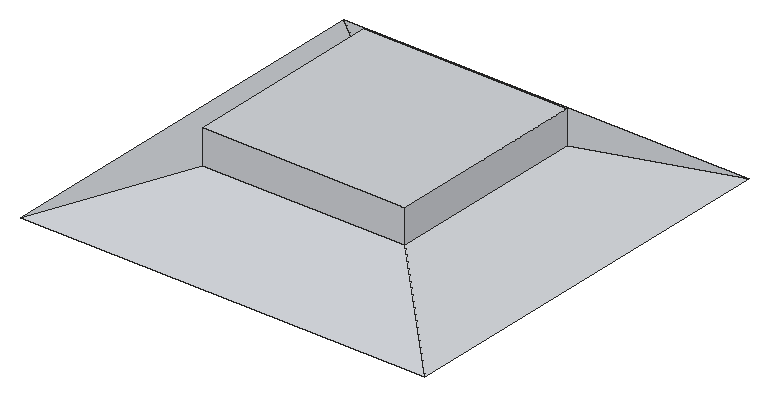
Revit family "15f4f35c9038449ea7f795ccd258911d", category Air Terminals, Revit 2021
Family settings
  Round Connector Dimension = Use Diameter
  Part Type = Normal
  OmniClass Number = 23.75.70.21.27.11
  OmniClass Title = Diffusers, Registers, and Grilles
  Seek Item ID = Supply Diffuser - Rectangular Face Rectangular Neck-0000-USA-ENU
  Work Plane-Based = No
  Always vertical = Yes
  Cut with Voids When Loaded = No
  Shared = No
  Room Calculation Point = No
Parameters (values of type "12x12 - 6x6 Neck")
  Width 1 = Diffuser Width * 0.65  # 0' - 7.8"
  UpArrow [instance] = yes
  Pressure Drop [instance] = 0.085 in-wg
  RightArrow [instance] = yes
  Length = if(Diffuser Width > Diffuser Height, Diffuser Width, Diffuser Height)  # 1' - 0"
  LeftArrow [instance] = yes
  Height 1 = Diffuser Height * 0.65  # 0' - 7.8"
  Flow [instance] = 500 CFM
  Duct Width = 6"
  Duct Height = 6"
  DownArrow [instance] = yes
  Diffuser Height = 1' - 0"
  Diffuser Width = 1' - 0"
  Default Elevation = 0' - 0"
  Assembly Code = ""
Types (95): name | Width 1 | UpArrow | RightArrow | Length | LeftArrow | Height 1 | Duct Width | Duct Height | DownArrow | Diffuser Height | Diffuser Width
  24x24 - 6x6 Neck | 1' - 3.6" | yes | yes | 2' - 0" | yes | 1' - 3.6" | 6" | 6" | yes | 2' - 0" | 2' - 0"
  24x24 - 9x9 Neck | 1' - 3.6" | yes | yes | 2' - 0" | yes | 1' - 3.6" | 9" | 9" | yes | 2' - 0" | 2' - 0"
  24x24 - 12x12 Neck | 1' - 3.6" | yes | yes | 2' - 0" | yes | 1' - 3.6" | 12" | 12" | yes | 2' - 0" | 2' - 0"
  24x24 - 15x15 Neck | 1' - 3.6" | yes | yes | 2' - 0" | yes | 1' - 3.6" | 15" | 15" | yes | 2' - 0" | 2' - 0"
  24x24 - 18x18 Neck | 1' - 3.6" | yes | yes | 2' - 0" | yes | 1' - 3.6" | 18" | 18" | yes | 2' - 0" | 2' - 0"
  24x24 - 21x21 Neck | 1' - 3.6" | yes | yes | 2' - 0" | yes | 1' - 3.6" | 21" | 21" | yes | 2' - 0" | 2' - 0"
  12x12 - 6x6 Neck | 0' - 7.8" | yes | yes | 1' - 0" | yes | 0' - 7.8" | 6" | 6" | yes | 1' - 0" | 1' - 0"
  12x12 - 9x9 Neck | 0' - 7.8" | yes | yes | 1' - 0" | yes | 0' - 7.8" | 9" | 9" | yes | 1' - 0" | 1' - 0"
  12x24 - 6x6 Neck | 1' - 3.6" | yes | yes | 2' - 0" | yes | 0' - 7.8" | 6" | 6" | yes | 1' - 0" | 2' - 0"
  12x24 - 6x9 Neck | 1' - 3.6" | yes | yes | 2' - 0" | yes | 0' - 7.8" | 9" | 6" | yes | 1' - 0" | 2' - 0"
  12x24 - 6x12 Neck | 1' - 3.6" | yes | yes | 2' - 0" | yes | 0' - 7.8" | 12" | 6" | yes | 1' - 0" | 2' - 0"
  12x24 - 6x15 Neck | 1' - 3.6" | yes | yes | 2' - 0" | yes | 0' - 7.8" | 15" | 6" | yes | 1' - 0" | 2' - 0"
  12x24 - 6x18 Neck | 1' - 3.6" | yes | yes | 2' - 0" | yes | 0' - 7.8" | 18" | 6" | yes | 1' - 0" | 2' - 0"
  12x24 - 6x21 Neck | 1' - 3.6" | yes | yes | 2' - 0" | yes | 0' - 7.8" | 21" | 6" | yes | 1' - 0" | 2' - 0"
  12x24 - 9x12 Neck | 1' - 3.6" | yes | yes | 2' - 0" | yes | 0' - 7.8" | 12" | 9" | yes | 1' - 0" | 2' - 0"
  12x24 - 9x6 Neck | 1' - 3.6" | yes | yes | 2' - 0" | yes | 0' - 7.8" | 6" | 9" | yes | 1' - 0" | 2' - 0"
  12x24 - 9x9 Neck | 1' - 3.6" | yes | yes | 2' - 0" | yes | 0' - 7.8" | 9" | 9" | yes | 1' - 0" | 2' - 0"
  12x24 - 9x15 Neck | 1' - 3.6" | yes | yes | 2' - 0" | yes | 0' - 7.8" | 15" | 9" | yes | 1' - 0" | 2' - 0"
  12x24 - 9x18 Neck | 1' - 3.6" | yes | yes | 2' - 0" | yes | 0' - 7.8" | 18" | 9" | yes | 1' - 0" | 2' - 0"
  12x24 - 9x21 Neck | 1' - 3.6" | yes | yes | 2' - 0" | yes | 0' - 7.8" | 21" | 9" | yes | 1' - 0" | 2' - 0"
  24x24 - 6x9 Neck | 1' - 3.6" | yes | yes | 2' - 0" | yes | 1' - 3.6" | 9" | 6" | yes | 2' - 0" | 2' - 0"
  24x24 - 6x12 Neck | 1' - 3.6" | yes | yes | 2' - 0" | yes | 1' - 3.6" | 12" | 6" | yes | 2' - 0" | 2' - 0"
  24x24 - 6x15 Neck | 1' - 3.6" | yes | yes | 2' - 0" | yes | 1' - 3.6" | 15" | 6" | yes | 2' - 0" | 2' - 0"
  24x24 - 6x18 Neck | 1' - 3.6" | yes | yes | 2' - 0" | yes | 1' - 3.6" | 18" | 6" | yes | 2' - 0" | 2' - 0"
  24x24 - 6x21 Neck | 1' - 3.6" | yes | yes | 2' - 0" | yes | 1' - 3.6" | 21" | 6" | yes | 2' - 0" | 2' - 0"
  24x24 - 9x6 Neck | 1' - 3.6" | yes | yes | 2' - 0" | yes | 1' - 3.6" | 6" | 9" | yes | 2' - 0" | 2' - 0"
  24x24 - 9x12 Neck | 1' - 3.6" | yes | yes | 2' - 0" | yes | 1' - 3.6" | 12" | 9" | yes | 2' - 0" | 2' - 0"
  24x24 - 9x15 Neck | 1' - 3.6" | yes | yes | 2' - 0" | yes | 1' - 3.6" | 15" | 9" | yes | 2' - 0" | 2' - 0"
  24x24 - 9x18 Neck | 1' - 3.6" | yes | yes | 2' - 0" | yes | 1' - 3.6" | 18" | 9" | yes | 2' - 0" | 2' - 0"
  24x24 - 9x21 Neck | 1' - 3.6" | yes | yes | 2' - 0" | yes | 1' - 3.6" | 21" | 9" | yes | 2' - 0" | 2' - 0"
  24x24 - 12x6 Neck | 1' - 3.6" | yes | yes | 2' - 0" | yes | 1' - 3.6" | 6" | 12" | yes | 2' - 0" | 2' - 0"
  24x24 - 12x9 Neck | 1' - 3.6" | yes | yes | 2' - 0" | yes | 1' - 3.6" | 9" | 12" | yes | 2' - 0" | 2' - 0"
  24x24 - 12x15 Neck | 1' - 3.6" | yes | yes | 2' - 0" | yes | 1' - 3.6" | 15" | 12" | yes | 2' - 0" | 2' - 0"
  24x24 - 12x18 Neck | 1' - 3.6" | yes | yes | 2' - 0" | yes | 1' - 3.6" | 18" | 12" | yes | 2' - 0" | 2' - 0"
  24x24 - 12x21 Neck | 1' - 3.6" | yes | yes | 2' - 0" | yes | 1' - 3.6" | 21" | 12" | yes | 2' - 0" | 2' - 0"
  24x24 - 15x6 Neck | 1' - 3.6" | yes | yes | 2' - 0" | yes | 1' - 3.6" | 6" | 15" | yes | 2' - 0" | 2' - 0"
  24x24 -15x9 Neck | 1' - 3.6" | yes | yes | 2' - 0" | yes | 1' - 3.6" | 9" | 15" | yes | 2' - 0" | 2' - 0"
  24x24 - 15x12 Neck | 1' - 3.6" | yes | yes | 2' - 0" | yes | 1' - 3.6" | 12" | 15" | yes | 2' - 0" | 2' - 0"
  24x24 - 15x18 Neck | 1' - 3.6" | no | no | 2' - 0" | no | 1' - 3.6" | 18" | 15" | no | 2' - 0" | 2' - 0"
  24x24 - 15x21 Neck | 1' - 3.6" | yes | yes | 2' - 0" | yes | 1' - 3.6" | 21" | 15" | yes | 2' - 0" | 2' - 0"
  24x24 - 18x6 Neck | 1' - 3.6" | yes | yes | 2' - 0" | yes | 1' - 3.6" | 6" | 18" | yes | 2' - 0" | 2' - 0"
  24x24 - 18x9 Neck | 1' - 3.6" | yes | yes | 2' - 0" | yes | 1' - 3.6" | 9" | 18" | yes | 2' - 0" | 2' - 0"
  24x24 - 18x12 Neck | 1' - 3.6" | yes | yes | 2' - 0" | yes | 1' - 3.6" | 12" | 18" | yes | 2' - 0" | 2' - 0"
  24x24 - 18x15 Neck | 1' - 3.6" | yes | yes | 2' - 0" | yes | 1' - 3.6" | 15" | 18" | yes | 2' - 0" | 2' - 0"
  24x24 - 18x21 Neck | 1' - 3.6" | yes | yes | 2' - 0" | yes | 1' - 3.6" | 21" | 18" | yes | 2' - 0" | 2' - 0"
  24x24 - 21x6 Neck | 1' - 3.6" | yes | yes | 2' - 0" | yes | 1' - 3.6" | 6" | 21" | yes | 2' - 0" | 2' - 0"
  24x24 - 21x9 Neck | 1' - 3.6" | yes | yes | 2' - 0" | yes | 1' - 3.6" | 9" | 21" | yes | 2' - 0" | 2' - 0"
  24x24 - 21x12 Neck | 1' - 3.6" | yes | yes | 2' - 0" | yes | 1' - 3.6" | 12" | 21" | yes | 2' - 0" | 2' - 0"
  24x24 - 21x15 Neck | 1' - 3.6" | yes | yes | 2' - 0" | yes | 1' - 3.6" | 15" | 21" | yes | 2' - 0" | 2' - 0"
  24x24 - 21x18 Neck | 1' - 3.6" | yes | yes | 2' - 0" | yes | 1' - 3.6" | 18" | 21" | yes | 2' - 0" | 2' - 0"
  24x48 - 12x12 Neck | 2' - 7.2" | yes | yes | 4' - 0" | yes | 1' - 3.6" | 12" | 12" | yes | 2' - 0" | 4' - 0"
  24x48 - 12x15 Neck | 2' - 7.2" | yes | yes | 4' - 0" | yes | 1' - 3.6" | 15" | 12" | yes | 2' - 0" | 4' - 0"
  24x48 - 12x18 Neck | 2' - 7.2" | yes | yes | 4' - 0" | yes | 1' - 3.6" | 18" | 12" | yes | 2' - 0" | 4' - 0"
  24x48 - 12x21 Neck | 2' - 7.2" | yes | yes | 4' - 0" | yes | 1' - 3.6" | 21" | 12" | yes | 2' - 0" | 4' - 0"
  24x48 - 12x24 Neck | 2' - 7.2" | yes | yes | 4' - 0" | yes | 1' - 3.6" | 24" | 12" | yes | 2' - 0" | 4' - 0"
  24x48 - 12x27 Neck | 2' - 7.2" | yes | yes | 4' - 0" | yes | 1' - 3.6" | 27" | 12" | yes | 2' - 0" | 4' - 0"
  24x48 - 12x30 Neck | 2' - 7.2" | yes | yes | 4' - 0" | yes | 1' - 3.6" | 30" | 12" | yes | 2' - 0" | 4' - 0"
  24x48 - 12x33 Neck | 2' - 7.2" | yes | yes | 4' - 0" | yes | 1' - 3.6" | 33" | 12" | yes | 2' - 0" | 4' - 0"
  24x48 - 12x36 Neck | 2' - 7.2" | yes | yes | 4' - 0" | yes | 1' - 3.6" | 36" | 12" | yes | 2' - 0" | 4' - 0"
  24x48 - 12x39 Neck | 2' - 7.2" | yes | yes | 4' - 0" | yes | 1' - 3.6" | 39" | 12" | yes | 2' - 0" | 4' - 0"
  24x48 - 12x42 Neck | 2' - 7.2" | yes | yes | 4' - 0" | yes | 1' - 3.6" | 42" | 12" | yes | 2' - 0" | 4' - 0"
  24x48 - 12x45 Neck | 2' - 7.2" | yes | yes | 4' - 0" | yes | 1' - 3.6" | 45" | 12" | yes | 2' - 0" | 4' - 0"
  24x48 - 15x12 Neck | 2' - 7.2" | yes | yes | 4' - 0" | yes | 1' - 3.6" | 12" | 15" | yes | 2' - 0" | 4' - 0"
  24x48 - 15x18 Neck | 2' - 7.2" | yes | yes | 4' - 0" | yes | 1' - 3.6" | 18" | 15" | yes | 2' - 0" | 4' - 0"
  24x48 - 15x21 Neck | 2' - 7.2" | yes | yes | 4' - 0" | yes | 1' - 3.6" | 21" | 15" | yes | 2' - 0" | 4' - 0"
  24x48 - 15x24 Neck | 2' - 7.2" | yes | yes | 4' - 0" | yes | 1' - 3.6" | 24" | 15" | yes | 2' - 0" | 4' - 0"
  24x48 - 15x27 Neck | 2' - 7.2" | yes | yes | 4' - 0" | yes | 1' - 3.6" | 27" | 15" | yes | 2' - 0" | 4' - 0"
  24x48 - 15x30 Neck | 2' - 7.2" | yes | yes | 4' - 0" | yes | 1' - 3.6" | 30" | 15" | yes | 2' - 0" | 4' - 0"
  24x48 - 15x33 Neck | 2' - 7.2" | yes | yes | 4' - 0" | yes | 1' - 3.6" | 33" | 15" | yes | 2' - 0" | 4' - 0"
  24x48 - 15x36 Neck | 2' - 7.2" | yes | yes | 4' - 0" | yes | 1' - 3.6" | 36" | 15" | yes | 2' - 0" | 4' - 0"
  24x48 - 15x39 Neck | 2' - 7.2" | yes | yes | 4' - 0" | yes | 1' - 3.6" | 39" | 15" | yes | 2' - 0" | 4' - 0"
  24x48 - 15x42 Neck | 2' - 7.2" | yes | yes | 4' - 0" | yes | 1' - 3.6" | 42" | 15" | yes | 2' - 0" | 4' - 0"
  24x48 - 15x45 Neck | 2' - 7.2" | yes | yes | 4' - 0" | yes | 1' - 3.6" | 45" | 15" | yes | 2' - 0" | 4' - 0"
  24x48 - 18x12 Neck | 2' - 7.2" | yes | yes | 4' - 0" | yes | 1' - 3.6" | 12" | 18" | yes | 2' - 0" | 4' - 0"
  24x48 - 18x15 Neck | 2' - 7.2" | yes | yes | 4' - 0" | yes | 1' - 3.6" | 15" | 18" | yes | 2' - 0" | 4' - 0"
  24x48 - 18x21 Neck | 2' - 7.2" | yes | yes | 4' - 0" | yes | 1' - 3.6" | 21" | 18" | yes | 2' - 0" | 4' - 0"
  24x48 - 18x24 Neck | 2' - 7.2" | yes | yes | 4' - 0" | yes | 1' - 3.6" | 24" | 18" | yes | 2' - 0" | 4' - 0"
  24x48 - 18x27 Neck | 2' - 7.2" | yes | yes | 4' - 0" | yes | 1' - 3.6" | 27" | 18" | yes | 2' - 0" | 4' - 0"
  24x48 - 18x30 Neck | 2' - 7.2" | yes | yes | 4' - 0" | yes | 1' - 3.6" | 30" | 18" | yes | 2' - 0" | 4' - 0"
  24x48 - 18x33 Neck | 2' - 7.2" | yes | yes | 4' - 0" | yes | 1' - 3.6" | 33" | 18" | yes | 2' - 0" | 4' - 0"
  24x48 - 18x36 Neck | 2' - 7.2" | yes | yes | 4' - 0" | yes | 1' - 3.6" | 36" | 18" | yes | 2' - 0" | 4' - 0"
  24x48 - 18x39 Neck | 2' - 7.2" | yes | yes | 4' - 0" | yes | 1' - 3.6" | 39" | 18" | yes | 2' - 0" | 4' - 0"
  24x48 - 18x42 Neck | 2' - 7.2" | yes | yes | 4' - 0" | yes | 1' - 3.6" | 42" | 18" | yes | 2' - 0" | 4' - 0"
  24x48 - 18x45 Neck | 2' - 7.2" | yes | yes | 4' - 0" | yes | 1' - 3.6" | 45" | 18" | yes | 2' - 0" | 4' - 0"
  24x48 - 21x12 Neck | 2' - 7.2" | yes | yes | 4' - 0" | yes | 1' - 3.6" | 12" | 21" | yes | 2' - 0" | 4' - 0"
  24x48 - 21x15 Neck | 2' - 7.2" | yes | yes | 4' - 0" | yes | 1' - 3.6" | 15" | 21" | yes | 2' - 0" | 4' - 0"
  24x48 - 21x18 Neck | 2' - 7.2" | yes | yes | 4' - 0" | yes | 1' - 3.6" | 18" | 21" | yes | 2' - 0" | 4' - 0"
  24x48 - 21x24 Neck | 2' - 7.2" | yes | yes | 4' - 0" | yes | 1' - 3.6" | 24" | 21" | yes | 2' - 0" | 4' - 0"
  24x48 - 21x27 Neck | 2' - 7.2" | yes | yes | 4' - 0" | yes | 1' - 3.6" | 27" | 21" | yes | 2' - 0" | 4' - 0"
  24x48 - 21x30 Neck | 2' - 7.2" | yes | yes | 4' - 0" | yes | 1' - 3.6" | 30" | 21" | yes | 2' - 0" | 4' - 0"
  24x48 - 21x33 Neck | 2' - 7.2" | yes | yes | 4' - 0" | yes | 1' - 3.6" | 33" | 21" | yes | 2' - 0" | 4' - 0"
  24x48 - 21x36 Neck | 2' - 7.2" | yes | yes | 4' - 0" | yes | 1' - 3.6" | 36" | 21" | yes | 2' - 0" | 4' - 0"
  24x48 - 21x39 Neck | 2' - 7.2" | yes | yes | 4' - 0" | yes | 1' - 3.6" | 39" | 21" | yes | 2' - 0" | 4' - 0"
  24x48 - 21x42 Neck | 2' - 7.2" | yes | yes | 4' - 0" | yes | 1' - 3.6" | 42" | 21" | yes | 2' - 0" | 4' - 0"
  24x48 - 21x45 Neck | 2' - 7.2" | yes | yes | 4' - 0" | yes | 1' - 3.6" | 45" | 21" | yes | 2' - 0" | 4' - 0"
Reference planes (in)
  plane 1 "Center (Front/Back)": y = 0
  plane 2: z = 0
  plane 3 "Center (Left/Right)": x = 0
  plane 4: y = 18
  plane 5: x = 18
  plane 6: y = -18
  plane 7: x = -18
Forms (in)
  Blend 1, solid
    base sketch origin (0, 0, 0) x (1, 0, 0) y (0, 1, 0)
      loop
        line (-6, 6) -> (-6, -6) -> (6, -6) -> (6, 6) -> (-6, 6)
    top sketch origin (0, 0, 0) x (1, 0, 0) y (0, 1, 0)
      loop
        line (-3, 3) -> (-3, -3) -> (3, -3) -> (3, 3) -> (-3, 3)
    from 0 to 1.125
  Extrusion 2, solid
    sketch origin (0, 0, 1.125) x (1, 0, 0) y (0, 1, 0)
      loop
        line (-3, 3) -> (-3, -3) -> (3, -3) -> (3, 3) -> (-3, 3)
    from 0 to 1
Cuts and joins
  joined: Blend 1, Extrusion 2
Lines and regions (in)
  symbolic lines
    curve 1: line (-6, 6, 0) -> (6, -6, 0)
    curve 2: line (-6, -6, 0) -> (6, 6, 0)
    curve 3: line (-6, 6, 0) -> (-6, -6, 0)
    curve 4: line (-6, -6, 0) -> (6, -6, 0)
    curve 5: line (6, -6, 0) -> (6, 6, 0)
    curve 6: line (6, 6, 0) -> (-6, 6, 0)
Dimensions and locks (in)
  equal spacing: Blend 1 sketch curve, plane 3 "Center (Left/Right)", Blend 1 sketch curve  (x2)
  equal spacing: Blend 1 sketch curve, plane 1 "Center (Front/Back)", Blend 1 sketch curve  (x2)
  "Diffuser Width": Blend 1 sketch curve to Blend 1 sketch curve
  "Diffuser Height": Blend 1 sketch curve to Blend 1 sketch curve
  "Duct Width": Blend 1 sketch curve to Blend 1 sketch curve
  "Duct Height": Blend 1 sketch curve to Blend 1 sketch curve
  "Width 1": nested 1 to plane 3 "Center (Left/Right)"
  "Height 1": nested 2 to plane 1 "Center (Front/Back)"
  "Width 1": plane 3 "Center (Left/Right)" to nested 3
  "Height 1": nested 4 to plane 1 "Center (Front/Back)"
  aligned and locked: Extrusion 2 sketch curve to Blend 1  (x4)
  aligned and locked: curve 3 to cut or joined group of Blend 1, Extrusion 2
  aligned and locked: curve 4 to cut or joined group of Blend 1, Extrusion 2
  aligned and locked: curve 5 to cut or joined group of Blend 1, Extrusion 2
  aligned and locked: curve 6 to cut or joined group of Blend 1, Extrusion 2
  aligned and locked: nested 1 to plane 1 "Center (Front/Back)"
  aligned and locked: plane 1 "Center (Front/Back)" to nested 3
  aligned and locked: plane 3 "Center (Left/Right)" to nested 2
  aligned and locked: nested 4 to plane 3 "Center (Left/Right)"
Nested families (in)
  nested 1: "Duct Terminal Arrow" at (-7.8, 0, 0) x (-1, 0, 0) z (0, 0, 1), visible <- "RightArrow", type "Duct Terminal Arrow"
  nested 2: "Duct Terminal Arrow" at (0, 7.8, 0) x (0, 1, 0) z (0, 0, 1), visible <- "UpArrow", type "Duct Terminal Arrow"
  nested 3: "Duct Terminal Arrow" at (7.8, 0, 0), visible <- "LeftArrow", type "Duct Terminal Arrow"
  nested 4: "Duct Terminal Arrow" at (0, -7.8, 0) x (0, -1, 0) z (0, 0, 1), visible <- "DownArrow", type "Duct Terminal Arrow"
Connectors (in)
  hvac at (0, 0, 2.125), driven by "Duct Height", driven by "Duct Width", driven by "Flow", driven by "Pressure Drop"
    settings: on cut or joined group of Blend 1, Extrusion 2, index 0, duct flow 500 CFM, flow factor 0, pres drop 0.085 in-wg, loss coef 0, conn angle 0.00°, conn width 6", conn height 6", conn diameter 24", duct sys type 1, conn prof type 1, flow config 1, flow direction 1, loss method 4, conn ref index -1, conn util no, is conn primary yes, conn desc ""
Definition of nested family "Duct Terminal Arrow"
  Parameters
    Width = (Length / 2) / cos(15.00°)  # 1.03528"
    Length = 2"
  Reference planes (in)
    plane 1 "Center (Front/Back)": y = 0
    plane 2: z = 0
    plane 3 "Center (Left/Right)": x = 0
  Lines and regions (in)
    Filled region 1, type "Concrete Block", in view "Ref. Level"
      outline origin (0, 0, 0) x (1, 0, 0) y (0, 1, 0)
        loop
          line (1, 0.26795) -> (1, -0.26795) -> (2, 0) -> (1, 0.26795)
    detail lines, in view "Ref. Level"
      curve 1: line (0, 0, 0) -> (2, 0, 0)
      curve 2: line (2, 0, 0) -> (1, 0.26795, 0)
      curve 3: line (2, 0, 0) -> (1, -0.26795, 0)
      curve 4: line (1, 0.26795, 0) -> (1, -0.26795, 0)
  Dimensions and locks (in)
    "Length": curve 1 to curve 1
    "Width": curve 2 to curve 2
    "Width": curve 3 to curve 3
    locked: curve 2 to curve 1 (angle 15.00°)
    locked: curve 1 to curve 3 (angle 15.00°)
    aligned and locked: plane 3 "Center (Left/Right)" to curve 1
    aligned and locked: plane 1 "Center (Front/Back)" to curve 1
    aligned and locked: Filled region 1 sketch curve to curve 4
    aligned and locked: Filled region 1 sketch curve to curve 2
    aligned and locked: Filled region 1 sketch curve to curve 3
